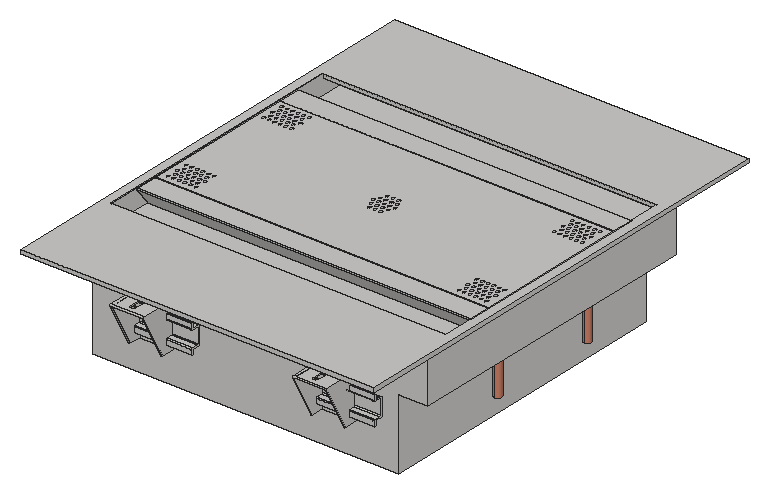
Revit family "York CB-ALE-YK - Linear Active Diffuser,Chilled Beam,Face-Based,Revit 2015 R1.3", category Mechanical Equipment, host Face, Revit 2015
Parameters (values of type "24" Wide Chilled Beam")
  Select a Beam Width = ""
  Right Void Distance = if([12" Wide Beam], 7 1/8", if(and([24" Wide Beam], Pipe Connections Right Hand), 3 5/8", Housing Height))  # 3 5/8"
  Product Documents 24" wide Beam [instance] = "http://www.york.com/for-your-workplace/air-systems/chilled-beams/active-linear-chilled-beam24"
  Material [instance] = "Galvanized Steel"  # constant formula
  Left Void Distance = if([12" Wide Beam], 7 1/8", if(and([24" Wide Beam], Pipe Connections Left Hand), 3 5/8", Housing Height))  # 8 3/8"
  Total Width = if([12" Wide Beam], 22 7/8", 31 3/8")  # 31 3/8"
  Select the Water-Coil Connection location = 1
  Coil Accessory [instance] = ""
  M - Manual Air Vent [instance] = 1 = 1  # yes
  Inlet Air Slot Clearance = if([12" Wide Beam], 1/8", 1 1/2")  # 1 1/2"
  D - Drain Accessories [instance] = no
  X-Special [instance] = "Enter Special Drawing number here"
  Velocity Pressure [instance] = 0.00 in-wg
  Total Static Pressure [instance] = 0.00 in-wg
  Total Heating Capacity [instance] = Heating Air Capacity + Heating Water Capacity  # 0.0 Btu/h
  Throw [instance] = "0"
  Sweep Void Length = if([12" Wide Beam], 3 1/2", 1/8")  # 1/8"
  Supply Inlet Dia = Supply Air Connection Diameter / 2  # 2 1/2"
  Supply Air Pressure Drop [instance] = 0.00 in-wg
  Sensible Cooling Capacity [instance] = Cooling Air Capacity + Cooling Water Capacity  # 0.0 Btu/h
  X3 = if(and([12" Wide Beam], Side Air Inlet, [F - One-Way, Front], [2P1C - 2 Pipe, 1 Coil Circuit], Pipe Connections Right Hand), Nominal Length - 1 3/8", if(and([12" Wide Beam], Side Air Inlet, [F - One-Way, Front], [4P1C - 4 Pipe, 1 Coil Circuit], Pipe Connections Right Hand), 1 3/8", if(and([12" Wide Beam], Side Air Inlet, [B - One-Way, Back], [2P1C - 2 Pipe, 1 Coil Circuit], Pipe Connections Right Hand), Nominal Length - 1 3/8", if(and([12" Wide Beam], Side Air Inlet, [B - One-Way, Back], [4P1C - 4 Pipe, 1 Coil Circuit], Pipe Connections Right Hand), 1 3/8", if(and([12" Wide Beam], Side Air Inlet, [F - One-Way, Front], [2P1C - 2 Pipe, 1 Coil Circuit], Pipe Connections Left Hand), 1 3/8", if(and([12" Wide Beam], Side Air Inlet, [F - One-Way, Front], [4P1C - 4 Pipe, 1 Coil Circuit], Pipe Connections Left Hand), Nominal Length - 1 3/8", if(and([12" Wide Beam], Side Air Inlet, [B - One-Way, Back], [2P1C - 2 Pipe, 1 Coil Circuit], Pipe Connections Left Hand), 1 3/8", if(and([12" Wide Beam], Side Air Inlet, [B - One-Way, Back], [4P1C - 4 Pipe, 1 Coil Circuit], Pipe Connections Left Hand), Nominal Length - 1 3/8", if(and([12" Wide Beam], Side Air Inlet, [2 - Two-way Throw], [2P1C - 2 Pipe, 1 Coil Circuit], Pipe Connections Left Hand), 1 3/8", if(and([12" Wide Beam], Side Air Inlet, [2 - Two-way Throw], [4P1C - 4 Pipe, 1 Coil Circuit], Pipe Connections Left Hand), 1 3/8", if(and([12" Wide Beam], Side Air Inlet, [2 - Two-way Throw], [2P1C - 2 Pipe, 1 Coil Circuit], Pipe Connections Right Hand), Nominal Length - 1 3/8", if(and([12" Wide Beam], Side Air Inlet, [2 - Two-way Throw], [4P1C - 4 Pipe, 1 Coil Circuit], Pipe Connections Right Hand), Nominal Length - 1 3/8", if(and([12" Wide Beam], Top Air Inlet, [F - One-Way, Front], [2P1C - 2 Pipe, 1 Coil Circuit], Pipe Connections Left Hand), 1 3/8", if(and([12" Wide Beam], Top Air Inlet, [F - One-Way, Front], [4P1C - 4 Pipe, 1 Coil Circuit], Pipe Connections Left Hand), Nominal Length - 1 3/8", if(and([12" Wide Beam], Top Air Inlet, [B - One-Way, Back], [2P1C - 2 Pipe, 1 Coil Circuit], Pipe Connections Right Hand), 1 3/8", if(and([12" Wide Beam], Top Air Inlet, [B - One-Way, Back], [4P1C - 4 Pipe, 1 Coil Circuit], Pipe Connections Right Hand), Nominal Length - 1 3/8", if(and([12" Wide Beam], Top Air Inlet, [2 - Two-way Throw], [2P1C - 2 Pipe, 1 Coil Circuit], Pipe Connections Left Hand), 1 3/8", if(and([12" Wide Beam], Top Air Inlet, [2 - Two-way Throw], [4P1C - 4 Pipe, 1 Coil Circuit], Pipe Connections Left Hand), 1 3/8", if(and([24" Wide Beam], Pipe Connections Right Hand), Nominal Length - 1 3/8", if(and([12" Wide Beam], [4P1C - 4 Pipe, 1 Coil Circuit]), Nominal Length - 1 3/8", 1 3/8"))))))))))))))))))))  # 22 5/8"
  X1 = if(and([12" Wide Beam], Side Air Inlet, [F - One-Way, Front], [2P1C - 2 Pipe, 1 Coil Circuit], Pipe Connections Right Hand), Nominal Length - 1 3/8", if(and([12" Wide Beam], Side Air Inlet, [F - One-Way, Front], [4P1C - 4 Pipe, 1 Coil Circuit], Pipe Connections Right Hand), 1 3/8", if(and([12" Wide Beam], Side Air Inlet, [B - One-Way, Back], [2P1C - 2 Pipe, 1 Coil Circuit], Pipe Connections Right Hand), Nominal Length - 1 3/8", if(and([12" Wide Beam], Side Air Inlet, [B - One-Way, Back], [4P1C - 4 Pipe, 1 Coil Circuit], Pipe Connections Right Hand), 1 3/8", if(and([12" Wide Beam], Side Air Inlet, [F - One-Way, Front], [2P1C - 2 Pipe, 1 Coil Circuit], Pipe Connections Left Hand), 1 3/8", if(and([12" Wide Beam], Side Air Inlet, [F - One-Way, Front], [4P1C - 4 Pipe, 1 Coil Circuit], Pipe Connections Left Hand), Nominal Length - 1 3/8", if(and([12" Wide Beam], Side Air Inlet, [B - One-Way, Back], [2P1C - 2 Pipe, 1 Coil Circuit], Pipe Connections Left Hand), 1 3/8", if(and([12" Wide Beam], Side Air Inlet, [B - One-Way, Back], [4P1C - 4 Pipe, 1 Coil Circuit], Pipe Connections Left Hand), Nominal Length - 1 3/8", if(and([12" Wide Beam], Side Air Inlet, [2 - Two-way Throw], [2P1C - 2 Pipe, 1 Coil Circuit], Pipe Connections Left Hand), 1 3/8", if(and([12" Wide Beam], Side Air Inlet, [2 - Two-way Throw], [4P1C - 4 Pipe, 1 Coil Circuit], Pipe Connections Left Hand), Nominal Length - 1 3/8", if(and([12" Wide Beam], Side Air Inlet, [2 - Two-way Throw], [2P1C - 2 Pipe, 1 Coil Circuit], Pipe Connections Right Hand), Nominal Length - 1 3/8", if(and([12" Wide Beam], Side Air Inlet, [2 - Two-way Throw], [4P1C - 4 Pipe, 1 Coil Circuit], Pipe Connections Right Hand), 1 3/8", if(and([12" Wide Beam], Top Air Inlet, [F - One-Way, Front], [2P1C - 2 Pipe, 1 Coil Circuit], Pipe Connections Left Hand), 1 3/8", if(and([12" Wide Beam], Top Air Inlet, [F - One-Way, Front], [4P1C - 4 Pipe, 1 Coil Circuit], Pipe Connections Left Hand), Nominal Length - 1 3/8", if(and([12" Wide Beam], Top Air Inlet, [B - One-Way, Back], [2P1C - 2 Pipe, 1 Coil Circuit], Pipe Connections Right Hand), 1 3/8", if(and([12" Wide Beam], Top Air Inlet, [B - One-Way, Back], [4P1C - 4 Pipe, 1 Coil Circuit], Pipe Connections Right Hand), Nominal Length - 1 3/8", if(and([12" Wide Beam], Top Air Inlet, [2 - Two-way Throw], [2P1C - 2 Pipe, 1 Coil Circuit], Pipe Connections Left Hand), 1 3/8", if(and([12" Wide Beam], Top Air Inlet, [2 - Two-way Throw], [4P1C - 4 Pipe, 1 Coil Circuit], Pipe Connections Left Hand), Nominal Length - 1 3/8", if(and([24" Wide Beam], Pipe Connections Right Hand), Nominal Length - 1 3/8", 1 3/8")))))))))))))))))))  # 22 5/8"
  Select an Air Inlet Location = ""
  Select a Face Air Pattern = ""
  Second Bracket Distance = if([8 Feet], 24", if([9 Feet], 30", if([10 Feet], 36", Nominal Length - Bracket Length - 7 3/4")))  # 12 1/4"
  Relative Humidity [instance] = 0.00%
  X2 = if(and([12" Wide Beam], Side Air Inlet, [F - One-Way, Front], [2P1C - 2 Pipe, 1 Coil Circuit], Pipe Connections Right Hand), Nominal Length - 1 3/8", if(and([12" Wide Beam], Side Air Inlet, [F - One-Way, Front], [4P1C - 4 Pipe, 1 Coil Circuit], Pipe Connections Right Hand), Nominal Length - 1 3/8", if(and([12" Wide Beam], Side Air Inlet, [B - One-Way, Back], [2P1C - 2 Pipe, 1 Coil Circuit], Pipe Connections Right Hand), Nominal Length - 1 3/8", if(and([12" Wide Beam], Side Air Inlet, [B - One-Way, Back], [4P1C - 4 Pipe, 1 Coil Circuit], Pipe Connections Right Hand), Nominal Length - 1 3/8", if(and([12" Wide Beam], Side Air Inlet, [F - One-Way, Front], [2P1C - 2 Pipe, 1 Coil Circuit], Pipe Connections Left Hand), 1 3/8", if(and([12" Wide Beam], Side Air Inlet, [F - One-Way, Front], [4P1C - 4 Pipe, 1 Coil Circuit], Pipe Connections Left Hand), 1 3/8", if(and([12" Wide Beam], Side Air Inlet, [B - One-Way, Back], [2P1C - 2 Pipe, 1 Coil Circuit], Pipe Connections Left Hand), 1 3/8", if(and([12" Wide Beam], Side Air Inlet, [B - One-Way, Back], [4P1C - 4 Pipe, 1 Coil Circuit], Pipe Connections Left Hand), 1 3/8", if(and([12" Wide Beam], Side Air Inlet, [2 - Two-way Throw], [2P1C - 2 Pipe, 1 Coil Circuit], Pipe Connections Left Hand), 1 3/8", if(and([12" Wide Beam], Side Air Inlet, [2 - Two-way Throw], [4P1C - 4 Pipe, 1 Coil Circuit], Pipe Connections Left Hand), 1 3/8", if(and([12" Wide Beam], Side Air Inlet, [2 - Two-way Throw], [2P1C - 2 Pipe, 1 Coil Circuit], Pipe Connections Right Hand), Nominal Length - 1 3/8", if(and([12" Wide Beam], Side Air Inlet, [2 - Two-way Throw], [4P1C - 4 Pipe, 1 Coil Circuit], Pipe Connections Right Hand), Nominal Length - 1 3/8", if(and([12" Wide Beam], Top Air Inlet, [F - One-Way, Front], [2P1C - 2 Pipe, 1 Coil Circuit], Pipe Connections Left Hand), 1 3/8", if(and([12" Wide Beam], Top Air Inlet, [F - One-Way, Front], [4P1C - 4 Pipe, 1 Coil Circuit], Pipe Connections Left Hand), 1 3/8", if(and([12" Wide Beam], Top Air Inlet, [B - One-Way, Back], [2P1C - 2 Pipe, 1 Coil Circuit], Pipe Connections Right Hand), 1 3/8", if(and([12" Wide Beam], Top Air Inlet, [B - One-Way, Back], [4P1C - 4 Pipe, 1 Coil Circuit], Pipe Connections Right Hand), 1 3/8", if(and([12" Wide Beam], Top Air Inlet, [2 - Two-way Throw], [2P1C - 2 Pipe, 1 Coil Circuit], Pipe Connections Left Hand), 1 3/8", if(and([12" Wide Beam], Top Air Inlet, [2 - Two-way Throw], [4P1C - 4 Pipe, 1 Coil Circuit], Pipe Connections Left Hand), 1 3/8", if(and([24" Wide Beam], Pipe Connections Right Hand), Nominal Length - 1 3/8", if(and([12" Wide Beam], [4P1C - 4 Pipe, 1 Coil Circuit]), Nominal Length - 1 3/8", 1 3/8"))))))))))))))))))))  # 22 5/8"
  X4 = if(and([12" Wide Beam], Side Air Inlet, [F - One-Way, Front], [2P1C - 2 Pipe, 1 Coil Circuit], Pipe Connections Right Hand), Nominal Length - 1 3/8", if(and([12" Wide Beam], Side Air Inlet, [F - One-Way, Front], [4P1C - 4 Pipe, 1 Coil Circuit], Pipe Connections Right Hand), Nominal Length - 1 3/8", if(and([12" Wide Beam], Side Air Inlet, [B - One-Way, Back], [2P1C - 2 Pipe, 1 Coil Circuit], Pipe Connections Right Hand), Nominal Length - 1 3/8", if(and([12" Wide Beam], Side Air Inlet, [B - One-Way, Back], [4P1C - 4 Pipe, 1 Coil Circuit], Pipe Connections Right Hand), Nominal Length - 1 3/8", if(and([12" Wide Beam], Side Air Inlet, [F - One-Way, Front], [2P1C - 2 Pipe, 1 Coil Circuit], Pipe Connections Left Hand), 1 3/8", if(and([12" Wide Beam], Side Air Inlet, [F - One-Way, Front], [4P1C - 4 Pipe, 1 Coil Circuit], Pipe Connections Left Hand), 1 3/8", if(and([12" Wide Beam], Side Air Inlet, [B - One-Way, Back], [2P1C - 2 Pipe, 1 Coil Circuit], Pipe Connections Left Hand), 1 3/8", if(and([12" Wide Beam], Side Air Inlet, [B - One-Way, Back], [4P1C - 4 Pipe, 1 Coil Circuit], Pipe Connections Left Hand), 1 3/8", if(and([12" Wide Beam], Side Air Inlet, [2 - Two-way Throw], [2P1C - 2 Pipe, 1 Coil Circuit], Pipe Connections Left Hand), 1 3/8", if(and([12" Wide Beam], Side Air Inlet, [2 - Two-way Throw], [4P1C - 4 Pipe, 1 Coil Circuit], Pipe Connections Left Hand), Nominal Length - 1 3/8", if(and([12" Wide Beam], Side Air Inlet, [2 - Two-way Throw], [2P1C - 2 Pipe, 1 Coil Circuit], Pipe Connections Right Hand), Nominal Length - 1 3/8", if(and([12" Wide Beam], Side Air Inlet, [2 - Two-way Throw], [4P1C - 4 Pipe, 1 Coil Circuit], Pipe Connections Right Hand), 1 3/8", if(and([12" Wide Beam], Top Air Inlet, [F - One-Way, Front], [2P1C - 2 Pipe, 1 Coil Circuit], Pipe Connections Left Hand), 1 3/8", if(and([12" Wide Beam], Top Air Inlet, [F - One-Way, Front], [4P1C - 4 Pipe, 1 Coil Circuit], Pipe Connections Left Hand), 1 3/8", if(and([12" Wide Beam], Top Air Inlet, [B - One-Way, Back], [2P1C - 2 Pipe, 1 Coil Circuit], Pipe Connections Right Hand), 1 3/8", if(and([12" Wide Beam], Top Air Inlet, [B - One-Way, Back], [4P1C - 4 Pipe, 1 Coil Circuit], Pipe Connections Right Hand), 1 3/8", if(and([12" Wide Beam], Top Air Inlet, [2 - Two-way Throw], [2P1C - 2 Pipe, 1 Coil Circuit], Pipe Connections Left Hand), 1 3/8", if(and([12" Wide Beam], Top Air Inlet, [2 - Two-way Throw], [4P1C - 4 Pipe, 1 Coil Circuit], Pipe Connections Left Hand), Nominal Length - 1 3/8", if(and([24" Wide Beam], Pipe Connections Right Hand), Nominal Length - 1 3/8", 1 3/8")))))))))))))))))))  # 22 5/8"
  Y2 = if(and([12" Wide Beam], Side Air Inlet, [F - One-Way, Front], [2P1C - 2 Pipe, 1 Coil Circuit], Pipe Connections Right Hand), 4 3/4", if(and([12" Wide Beam], Side Air Inlet, [F - One-Way, Front], [4P1C - 4 Pipe, 1 Coil Circuit], Pipe Connections Right Hand), 4 3/4", if(and([12" Wide Beam], Side Air Inlet, [B - One-Way, Back], [2P1C - 2 Pipe, 1 Coil Circuit], Pipe Connections Right Hand), 7 1/4", if(and([12" Wide Beam], Side Air Inlet, [B - One-Way, Back], [4P1C - 4 Pipe, 1 Coil Circuit], Pipe Connections Right Hand), 9 3/4", if(and([12" Wide Beam], Side Air Inlet, [F - One-Way, Front], [2P1C - 2 Pipe, 1 Coil Circuit], Pipe Connections Left Hand), 4 3/4", if(and([12" Wide Beam], Side Air Inlet, [F - One-Way, Front], [4P1C - 4 Pipe, 1 Coil Circuit], Pipe Connections Left Hand), 2 1/4", if(and([12" Wide Beam], Side Air Inlet, [B - One-Way, Back], [2P1C - 2 Pipe, 1 Coil Circuit], Pipe Connections Left Hand), 7 1/4", if(and([12" Wide Beam], Side Air Inlet, [B - One-Way, Back], [4P1C - 4 Pipe, 1 Coil Circuit], Pipe Connections Left Hand), 9 3/4", if(and([12" Wide Beam], Side Air Inlet, [2 - Two-way Throw], [2P1C - 2 Pipe, 1 Coil Circuit], Pipe Connections Left Hand), 7 1/4", if(and([12" Wide Beam], Side Air Inlet, [2 - Two-way Throw], [4P1C - 4 Pipe, 1 Coil Circuit], Pipe Connections Left Hand), 7 1/4", if(and([12" Wide Beam], Side Air Inlet, [2 - Two-way Throw], [2P1C - 2 Pipe, 1 Coil Circuit], Pipe Connections Right Hand), 4 3/4", if(and([12" Wide Beam], Side Air Inlet, [2 - Two-way Throw], [4P1C - 4 Pipe, 1 Coil Circuit], Pipe Connections Right Hand), 4 3/4", if(and([12" Wide Beam], Top Air Inlet, [F - One-Way, Front], [2P1C - 2 Pipe, 1 Coil Circuit], Pipe Connections Left Hand), 4 3/4", if(and([12" Wide Beam], Top Air Inlet, [F - One-Way, Front], [4P1C - 4 Pipe, 1 Coil Circuit], Pipe Connections Left Hand), 2 1/4", if(and([12" Wide Beam], Top Air Inlet, [B - One-Way, Back], [2P1C - 2 Pipe, 1 Coil Circuit], Pipe Connections Right Hand), 7 1/4", if(and([12" Wide Beam], Top Air Inlet, [B - One-Way, Back], [4P1C - 4 Pipe, 1 Coil Circuit], Pipe Connections Right Hand), 9 3/4", if(and([12" Wide Beam], Top Air Inlet, [2 - Two-way Throw], [2P1C - 2 Pipe, 1 Coil Circuit], Pipe Connections Left Hand), 7 1/4", if(and([12" Wide Beam], Top Air Inlet, [2 - Two-way Throw], [4P1C - 4 Pipe, 1 Coil Circuit], Pipe Connections Left Hand), 7 1/4", if(and([24" Wide Beam], Side Air Inlet, [F - One-Way, Front], [2-Pipe System], Pipe Connections Right Hand), 15 3/4", if(and([24" Wide Beam], Side Air Inlet, [F - One-Way, Front], [4-Pipe System], Pipe Connections Right Hand), 13 1/4", if(and([24" Wide Beam], Side Air Inlet, [B - One-Way, Back], [2-Pipe System], Pipe Connections Right Hand), 8 1/4", if(and([24" Wide Beam], Side Air Inlet, [B - One-Way, Back], [4-Pipe System], Pipe Connections Right Hand), 13 1/4", if(and([24" Wide Beam], Side Air Inlet, [F - One-Way, Front], [2-Pipe System], Pipe Connections Left Hand), 8 1/4", if(and([24" Wide Beam], Side Air Inlet, [F - One-Way, Front], [4-Pipe System], Pipe Connections Left Hand), 10 3/4", if(and([24" Wide Beam], Side Air Inlet, [B - One-Way, Back], [2-Pipe System], Pipe Connections Left Hand), 8 1/4", if(and([24" Wide Beam], Side Air Inlet, [B - One-Way, Back], [4-Pipe System], Pipe Connections Left Hand), 10 3/4", if(and([24" Wide Beam], Side Air Inlet, [2 - Two-way Throw], [2-Pipe System], Pipe Connections Left Hand), 8 1/4", if(and([24" Wide Beam], Side Air Inlet, [2 - Two-way Throw], [4-Pipe System], Pipe Connections Left Hand), 10 3/4", if(and([24" Wide Beam], Side Air Inlet, [2 - Two-way Throw], [2-Pipe System], Pipe Connections Right Hand), 15 3/4", if(and([24" Wide Beam], Side Air Inlet, [2 - Two-way Throw], [4-Pipe System], Pipe Connections Right Hand), 13 1/4", if(and([24" Wide Beam], Top Air Inlet, [F - One-Way, Front], [2-Pipe System], Pipe Connections Right Hand), 15 3/4", if(and([24" Wide Beam], Top Air Inlet, [F - One-Way, Front], [4-Pipe System], Pipe Connections Right Hand), 13 1/4", if(and([24" Wide Beam], Top Air Inlet, [B - One-Way, Back], [2-Pipe System], Pipe Connections Right Hand), 15 1/4", if(and([24" Wide Beam], Top Air Inlet, [B - One-Way, Back], [4-Pipe System], Pipe Connections Right Hand), 13 1/4", if(and([24" Wide Beam], Top Air Inlet, [2 - Two-way Throw], [2-Pipe System], Pipe Connections Right Hand), 15 3/4", if(and([24" Wide Beam], Top Air Inlet, [2 - Two-way Throw], [4-Pipe System], Pipe Connections Right Hand), 13 1/4", if(and([24" Wide Beam], [4P1C - 4 Pipe, 1 Coil Circuit]), 10 3/4", if([Select a Water-Coil Type] < 2, Y1, if(and([2P1C - 2 Pipe, 1 Coil Circuit], [12" Wide Beam]), Y1, 4 3/4")))))))))))))))))))))))))))))))))))))))  # 15 3/4"
  Y3 = if(and([12" Wide Beam], Side Air Inlet, [F - One-Way, Front], [2P1C - 2 Pipe, 1 Coil Circuit], Pipe Connections Right Hand), 2 1/4", if(and([12" Wide Beam], Side Air Inlet, [F - One-Way, Front], [4P1C - 4 Pipe, 1 Coil Circuit], Pipe Connections Right Hand), 7 1/4", if(and([12" Wide Beam], Side Air Inlet, [B - One-Way, Back], [2P1C - 2 Pipe, 1 Coil Circuit], Pipe Connections Right Hand), 9 3/4", if(and([12" Wide Beam], Side Air Inlet, [B - One-Way, Back], [4P1C - 4 Pipe, 1 Coil Circuit], Pipe Connections Right Hand), 7 1/4", if(and([12" Wide Beam], Side Air Inlet, [F - One-Way, Front], [2P1C - 2 Pipe, 1 Coil Circuit], Pipe Connections Left Hand), 2 1/4", if(and([12" Wide Beam], Side Air Inlet, [F - One-Way, Front], [4P1C - 4 Pipe, 1 Coil Circuit], Pipe Connections Left Hand), 4 3/4", if(and([12" Wide Beam], Side Air Inlet, [B - One-Way, Back], [2P1C - 2 Pipe, 1 Coil Circuit], Pipe Connections Left Hand), 9 3/4", if(and([12" Wide Beam], Side Air Inlet, [B - One-Way, Back], [4P1C - 4 Pipe, 1 Coil Circuit], Pipe Connections Left Hand), 7 1/4", if(and([12" Wide Beam], Side Air Inlet, [2 - Two-way Throw], [2P1C - 2 Pipe, 1 Coil Circuit], Pipe Connections Left Hand), 4 3/4", if(and([12" Wide Beam], Side Air Inlet, [2 - Two-way Throw], [4P1C - 4 Pipe, 1 Coil Circuit], Pipe Connections Left Hand), 2 1/4", if(and([12" Wide Beam], Side Air Inlet, [2 - Two-way Throw], [2P1C - 2 Pipe, 1 Coil Circuit], Pipe Connections Right Hand), 7 1/4", if(and([12" Wide Beam], Side Air Inlet, [2 - Two-way Throw], [4P1C - 4 Pipe, 1 Coil Circuit], Pipe Connections Right Hand), 9 3/4", if(and([12" Wide Beam], Top Air Inlet, [F - One-Way, Front], [2P1C - 2 Pipe, 1 Coil Circuit], Pipe Connections Left Hand), 2 1/4", if(and([12" Wide Beam], Top Air Inlet, [F - One-Way, Front], [4P1C - 4 Pipe, 1 Coil Circuit], Pipe Connections Left Hand), 4 3/4", if(and([12" Wide Beam], Top Air Inlet, [B - One-Way, Back], [2P1C - 2 Pipe, 1 Coil Circuit], Pipe Connections Right Hand), 9 3/4", if(and([12" Wide Beam], Top Air Inlet, [B - One-Way, Back], [4P1C - 4 Pipe, 1 Coil Circuit], Pipe Connections Right Hand), 7 1/4", if(and([12" Wide Beam], Top Air Inlet, [2 - Two-way Throw], [2P1C - 2 Pipe, 1 Coil Circuit], Pipe Connections Left Hand), 4 3/4", if(and([12" Wide Beam], Top Air Inlet, [2 - Two-way Throw], [4P1C - 4 Pipe, 1 Coil Circuit], Pipe Connections Left Hand), 2 1/4", if(and([24" Wide Beam], Side Air Inlet, [F - One-Way, Front], [2-Pipe System], Pipe Connections Right Hand), 8 1/4", if(and([24" Wide Beam], Side Air Inlet, [F - One-Way, Front], [4-Pipe System], Pipe Connections Right Hand), 10 3/4", if(and([24" Wide Beam], Side Air Inlet, [B - One-Way, Back], [2-Pipe System], Pipe Connections Right Hand), 15 3/4", if(and([24" Wide Beam], Side Air Inlet, [B - One-Way, Back], [4-Pipe System], Pipe Connections Right Hand), 10 3/4", if(and([24" Wide Beam], Side Air Inlet, [F - One-Way, Front], [2-Pipe System], Pipe Connections Left Hand), 15 3/4", if(and([24" Wide Beam], Side Air Inlet, [F - One-Way, Front], [4-Pipe System], Pipe Connections Left Hand), 13 1/4", if(and([24" Wide Beam], Side Air Inlet, [B - One-Way, Back], [2-Pipe System], Pipe Connections Left Hand), 15 3/4", if(and([24" Wide Beam], Side Air Inlet, [B - One-Way, Back], [4-Pipe System], Pipe Connections Left Hand), 13 1/4", if(and([24" Wide Beam], Side Air Inlet, [2 - Two-way Throw], [2-Pipe System], Pipe Connections Left Hand), 15 3/4", if(and([24" Wide Beam], Side Air Inlet, [2 - Two-way Throw], [4-Pipe System], Pipe Connections Left Hand), 13 1/4", if(and([24" Wide Beam], Side Air Inlet, [2 - Two-way Throw], [2-Pipe System], Pipe Connections Right Hand), 8 1/4", if(and([24" Wide Beam], Side Air Inlet, [2 - Two-way Throw], [4-Pipe System], Pipe Connections Right Hand), 10 3/4", if(and([24" Wide Beam], Top Air Inlet, [F - One-Way, Front], [2-Pipe System], Pipe Connections Right Hand), 8 1/4", if(and([24" Wide Beam], Top Air Inlet, [F - One-Way, Front], [4-Pipe System], Pipe Connections Right Hand), 10 3/4", if(and([24" Wide Beam], Top Air Inlet, [B - One-Way, Back], [2-Pipe System], Pipe Connections Right Hand), 8 1/4", if(and([24" Wide Beam], Top Air Inlet, [B - One-Way, Back], [4-Pipe System], Pipe Connections Right Hand), 10 3/4", if(and([24" Wide Beam], Top Air Inlet, [2 - Two-way Throw], [2-Pipe System], Pipe Connections Right Hand), 8 1/4", if(and([24" Wide Beam], Top Air Inlet, [2 - Two-way Throw], [4-Pipe System], Pipe Connections Right Hand), 10 3/4", if(and([24" Wide Beam], [Select a Water-Coil Type] > 1), 13 1/4", if([Select a Water-Coil Type] < 2, Y4, 7 1/4"))))))))))))))))))))))))))))))))))))))  # 8 1/4"
  Noise Criteria (dB) [instance] = 0
  Neck Velocity [instance] = 0 FPM
  Neck Size = Supply Air Connection Diameter  # 5"
  Min Flow = 0 CFM
  Max Flow = 0 CFM
  Heating Water Leaving Temperature [instance] = 0 °F
  Heating Water Entering Temperature [instance] = 0 °F
  Heating Water Connection Diameter = 1/2"
  Heating Leaving Dry Bulb Temperature [instance] = 0 °F
  Heating Entering Dry Bulb Temperature [instance] = 0 °F
  Heating Coil Water Pressure Drop [instance] = 0.00 psi
  E = if(Nominal Width = 12", 7 1/4", if(and(Nominal Width = 24", Side Air Inlet, or([8" Dia.], [10" Oval])), 8 1/4", 6 1/4"))  # 6 1/4"
  Design Supply Air Flow [instance] = 0 CFM
  Copper Pipe = Copper Pipe
  Y1 = if(and([12" Wide Beam], Side Air Inlet, [F - One-Way, Front], [2P1C - 2 Pipe, 1 Coil Circuit], Pipe Connections Right Hand), 4 3/4", if(and([12" Wide Beam], Side Air Inlet, [F - One-Way, Front], [4P1C - 4 Pipe, 1 Coil Circuit], Pipe Connections Right Hand), 2 1/4", if(and([12" Wide Beam], Side Air Inlet, [B - One-Way, Back], [2P1C - 2 Pipe, 1 Coil Circuit], Pipe Connections Right Hand), 7 1/4", if(and([12" Wide Beam], Side Air Inlet, [B - One-Way, Back], [4P1C - 4 Pipe, 1 Coil Circuit], Pipe Connections Right Hand), 9 3/4", if(and([12" Wide Beam], Side Air Inlet, [F - One-Way, Front], [2P1C - 2 Pipe, 1 Coil Circuit], Pipe Connections Left Hand), 4 3/4", if(and([12" Wide Beam], Side Air Inlet, [F - One-Way, Front], [4P1C - 4 Pipe, 1 Coil Circuit], Pipe Connections Left Hand), 2 1/4", if(and([12" Wide Beam], Side Air Inlet, [B - One-Way, Back], [2P1C - 2 Pipe, 1 Coil Circuit], Pipe Connections Left Hand), 7 1/4", if(and([12" Wide Beam], Side Air Inlet, [B - One-Way, Back], [4P1C - 4 Pipe, 1 Coil Circuit], Pipe Connections Left Hand), 9 3/4", if(and([12" Wide Beam], Side Air Inlet, [2 - Two-way Throw], [2P1C - 2 Pipe, 1 Coil Circuit], Pipe Connections Left Hand), 7 1/4", if(and([12" Wide Beam], Side Air Inlet, [2 - Two-way Throw], [4P1C - 4 Pipe, 1 Coil Circuit], Pipe Connections Left Hand), 9 3/4", if(and([12" Wide Beam], Side Air Inlet, [2 - Two-way Throw], [2P1C - 2 Pipe, 1 Coil Circuit], Pipe Connections Right Hand), 4 3/4", if(and([12" Wide Beam], Side Air Inlet, [2 - Two-way Throw], [4P1C - 4 Pipe, 1 Coil Circuit], Pipe Connections Right Hand), 2 1/4", if(and([12" Wide Beam], Top Air Inlet, [F - One-Way, Front], [2P1C - 2 Pipe, 1 Coil Circuit], Pipe Connections Left Hand), 4 3/4", if(and([12" Wide Beam], Top Air Inlet, [F - One-Way, Front], [4P1C - 4 Pipe, 1 Coil Circuit], Pipe Connections Left Hand), 2 1/4", if(and([12" Wide Beam], Top Air Inlet, [B - One-Way, Back], [2P1C - 2 Pipe, 1 Coil Circuit], Pipe Connections Right Hand), 7 1/4", if(and([12" Wide Beam], Top Air Inlet, [B - One-Way, Back], [4P1C - 4 Pipe, 1 Coil Circuit], Pipe Connections Right Hand), 9 3/4", if(and([12" Wide Beam], Top Air Inlet, [2 - Two-way Throw], [2P1C - 2 Pipe, 1 Coil Circuit], Pipe Connections Left Hand), 7 1/4", if(and([12" Wide Beam], Top Air Inlet, [2 - Two-way Throw], [4P1C - 4 Pipe, 1 Coil Circuit], Pipe Connections Left Hand), 9 3/4", if(and([24" Wide Beam], Side Air Inlet, [F - One-Way, Front], [2-Pipe System], Pipe Connections Right Hand), 15 3/4", if(and([24" Wide Beam], Side Air Inlet, [F - One-Way, Front], [4-Pipe System], Pipe Connections Right Hand), 15 3/4", if(and([24" Wide Beam], Side Air Inlet, [B - One-Way, Back], [2-Pipe System], Pipe Connections Right Hand), 8 1/4", if(and([24" Wide Beam], Side Air Inlet, [B - One-Way, Back], [4-Pipe System], Pipe Connections Right Hand), 15 3/4", if(and([24" Wide Beam], Side Air Inlet, [F - One-Way, Front], [2-Pipe System], Pipe Connections Left Hand), 8 1/4", if(and([24" Wide Beam], Side Air Inlet, [F - One-Way, Front], [4-Pipe System], Pipe Connections Left Hand), 8 1/4", if(and([24" Wide Beam], Side Air Inlet, [B - One-Way, Back], [2-Pipe System], Pipe Connections Left Hand), 8 1/4", if(and([24" Wide Beam], Side Air Inlet, [B - One-Way, Back], [4-Pipe System], Pipe Connections Left Hand), 8 1/4", if(and([24" Wide Beam], Side Air Inlet, [2 - Two-way Throw], [2-Pipe System], Pipe Connections Left Hand), 8 1/4", if(and([24" Wide Beam], Side Air Inlet, [2 - Two-way Throw], [4-Pipe System], Pipe Connections Left Hand), 8 1/4", if(and([24" Wide Beam], Side Air Inlet, [2 - Two-way Throw], [2-Pipe System], Pipe Connections Right Hand), 15 3/4", if(and([24" Wide Beam], Side Air Inlet, [2 - Two-way Throw], [4-Pipe System], Pipe Connections Right Hand), 15 3/4", if(and([24" Wide Beam], Top Air Inlet, [F - One-Way, Front], [2-Pipe System], Pipe Connections Right Hand), 15 3/4", if(and([24" Wide Beam], Top Air Inlet, [F - One-Way, Front], [4-Pipe System], Pipe Connections Right Hand), 15 3/4", if(and([24" Wide Beam], Top Air Inlet, [B - One-Way, Back], [2-Pipe System], Pipe Connections Right Hand), 15 1/4", if(and([24" Wide Beam], Top Air Inlet, [B - One-Way, Back], [4-Pipe System], Pipe Connections Right Hand), 15 1/4", if(and([24" Wide Beam], Top Air Inlet, [2 - Two-way Throw], [2-Pipe System], Pipe Connections Right Hand), 15 3/4", if(and([24" Wide Beam], Top Air Inlet, [2 - Two-way Throw], [4-Pipe System], Pipe Connections Right Hand), 15 3/4", if([24" Wide Beam], 8 1/4", 2 1/4")))))))))))))))))))))))))))))))))))))  # 15 3/4"
  Y4 = if(and([12" Wide Beam], Side Air Inlet, [F - One-Way, Front], [2P1C - 2 Pipe, 1 Coil Circuit], Pipe Connections Right Hand), 2 1/4", if(and([12" Wide Beam], Side Air Inlet, [F - One-Way, Front], [4P1C - 4 Pipe, 1 Coil Circuit], Pipe Connections Right Hand), 7 1/4", if(and([12" Wide Beam], Side Air Inlet, [B - One-Way, Back], [2P1C - 2 Pipe, 1 Coil Circuit], Pipe Connections Right Hand), 9 3/4", if(and([12" Wide Beam], Side Air Inlet, [B - One-Way, Back], [4P1C - 4 Pipe, 1 Coil Circuit], Pipe Connections Right Hand), 7 1/4", if(and([12" Wide Beam], Side Air Inlet, [F - One-Way, Front], [2P1C - 2 Pipe, 1 Coil Circuit], Pipe Connections Left Hand), 2 1/4", if(and([12" Wide Beam], Side Air Inlet, [F - One-Way, Front], [4P1C - 4 Pipe, 1 Coil Circuit], Pipe Connections Left Hand), 4 3/4", if(and([12" Wide Beam], Side Air Inlet, [B - One-Way, Back], [2P1C - 2 Pipe, 1 Coil Circuit], Pipe Connections Left Hand), 9 3/4", if(and([12" Wide Beam], Side Air Inlet, [B - One-Way, Back], [4P1C - 4 Pipe, 1 Coil Circuit], Pipe Connections Left Hand), 7 1/4", if(and([12" Wide Beam], Side Air Inlet, [2 - Two-way Throw], [2P1C - 2 Pipe, 1 Coil Circuit], Pipe Connections Left Hand), 4 3/4", if(and([12" Wide Beam], Side Air Inlet, [2 - Two-way Throw], [4P1C - 4 Pipe, 1 Coil Circuit], Pipe Connections Left Hand), 2 1/4", if(and([12" Wide Beam], Side Air Inlet, [2 - Two-way Throw], [2P1C - 2 Pipe, 1 Coil Circuit], Pipe Connections Right Hand), 7 1/4", if(and([12" Wide Beam], Side Air Inlet, [2 - Two-way Throw], [4P1C - 4 Pipe, 1 Coil Circuit], Pipe Connections Right Hand), 9 3/4", if(and([12" Wide Beam], Top Air Inlet, [F - One-Way, Front], [2P1C - 2 Pipe, 1 Coil Circuit], Pipe Connections Left Hand), 2 1/4", if(and([12" Wide Beam], Top Air Inlet, [F - One-Way, Front], [4P1C - 4 Pipe, 1 Coil Circuit], Pipe Connections Left Hand), 4 3/4", if(and([12" Wide Beam], Top Air Inlet, [B - One-Way, Back], [2P1C - 2 Pipe, 1 Coil Circuit], Pipe Connections Right Hand), 9 3/4", if(and([12" Wide Beam], Top Air Inlet, [B - One-Way, Back], [4P1C - 4 Pipe, 1 Coil Circuit], Pipe Connections Right Hand), 7 1/4", if(and([12" Wide Beam], Top Air Inlet, [2 - Two-way Throw], [2P1C - 2 Pipe, 1 Coil Circuit], Pipe Connections Left Hand), 4 3/4", if(and([12" Wide Beam], Top Air Inlet, [2 - Two-way Throw], [4P1C - 4 Pipe, 1 Coil Circuit], Pipe Connections Left Hand), 2 1/4", if(and([24" Wide Beam], Side Air Inlet, [F - One-Way, Front], [2-Pipe System], Pipe Connections Right Hand), 8 1/4", if(and([24" Wide Beam], Side Air Inlet, [F - One-Way, Front], [4-Pipe System], Pipe Connections Right Hand), 8 1/4", if(and([24" Wide Beam], Side Air Inlet, [B - One-Way, Back], [2-Pipe System], Pipe Connections Right Hand), 15 3/4", if(and([24" Wide Beam], Side Air Inlet, [B - One-Way, Back], [4-Pipe System], Pipe Connections Right Hand), 8 1/4", if(and([24" Wide Beam], Side Air Inlet, [F - One-Way, Front], [2-Pipe System], Pipe Connections Left Hand), 15 3/4", if(and([24" Wide Beam], Side Air Inlet, [F - One-Way, Front], [4-Pipe System], Pipe Connections Left Hand), 15 3/4", if(and([24" Wide Beam], Side Air Inlet, [B - One-Way, Back], [2-Pipe System], Pipe Connections Left Hand), 15 3/4", if(and([24" Wide Beam], Side Air Inlet, [B - One-Way, Back], [4-Pipe System], Pipe Connections Left Hand), 15 3/4", if(and([24" Wide Beam], Side Air Inlet, [2 - Two-way Throw], [2-Pipe System], Pipe Connections Left Hand), 15 3/4", if(and([24" Wide Beam], Side Air Inlet, [2 - Two-way Throw], [4-Pipe System], Pipe Connections Left Hand), 15 3/4", if(and([24" Wide Beam], Side Air Inlet, [2 - Two-way Throw], [2-Pipe System], Pipe Connections Right Hand), 8 1/4", if(and([24" Wide Beam], Side Air Inlet, [2 - Two-way Throw], [4-Pipe System], Pipe Connections Right Hand), 8 1/4", if(and([24" Wide Beam], Top Air Inlet, [F - One-Way, Front], [2-Pipe System], Pipe Connections Right Hand), 8 1/4", if(and([24" Wide Beam], Top Air Inlet, [F - One-Way, Front], [4-Pipe System], Pipe Connections Right Hand), 8 1/4", if(and([24" Wide Beam], Top Air Inlet, [B - One-Way, Back], [2-Pipe System], Pipe Connections Right Hand), 8 1/4", if(and([24" Wide Beam], Top Air Inlet, [B - One-Way, Back], [4-Pipe System], Pipe Connections Right Hand), 8 1/4", if(and([24" Wide Beam], Top Air Inlet, [2 - Two-way Throw], [2-Pipe System], Pipe Connections Right Hand), 8 1/4", if(and([24" Wide Beam], Top Air Inlet, [2 - Two-way Throw], [4-Pipe System], Pipe Connections Right Hand), 8 1/4", if([24" Wide Beam], 15 3/4", 9 3/4")))))))))))))))))))))))))))))))))))))  # 8 1/4"
  Cooling Leaving Dry Bulb Temperature [instance] = 0 °F
  Cooling Entering Dry Bulb Temperature [instance] = 0 °F
  Cooling Coil Water Pressure Drop [instance] = 0.00 psi
  Clerance [instance] = if([12" Wide Beam], 0", 1/2")  # 1/2"
  Chilled Water Leaving Temperature [instance] = 0 °F
  Chilled Water Entering Temperature [instance] = 0 °F
  Chilled Water Connection Diameter = 1/2"  # constant formula
  Bracket Length = if(or([2 Feet], [3 Feet]), 4", 12")  # 4"
  Bracket Distance 4 [instance] = if(or(Adustable Bracket Distance 4 < 0", Adustable Bracket Distance 4 = 0"), 0", if(and(Nominal Length < 37", Adustable Bracket Distance 4 > 1 3/4"), 1 3/4", if(and(Nominal Length > 37", Adustable Bracket Distance 4 > 9 3/4"), 9 3/4", Adustable Bracket Distance 4)))  # 0"
  Bracket Distance 3 [instance] = if(or(Adustable Bracket Distance 3 < 0", Adustable Bracket Distance 3 = 0"), 0", if(and(Nominal Length < 37", Adustable Bracket Distance 3 > 1 3/4"), 1 3/4", if(and(Nominal Length > 37", Adustable Bracket Distance 3 > 9 3/4"), 9 3/4", Adustable Bracket Distance 3)))  # 0"
  Bracket Distance 2 [instance] = if(or(Adustable Bracket Distance 2 < 0", Adustable Bracket Distance 2 = 0"), 0", if(and(Nominal Length < 37", Adustable Bracket Distance 2 > 1 3/4"), 1 3/4", if(and(Nominal Length > 37", Adustable Bracket Distance 2 > 9 3/4"), 9 3/4", Adustable Bracket Distance 2)))  # 0"
  Bracket Distance 1 [instance] = if(or(Adustable Bracket Distance 1 < 0", Adustable Bracket Distance 1 = 0"), 0", if(and(Nominal Length < 37", Adustable Bracket Distance 1 > 1 3/4"), 1 3/4", if(and(Nominal Length > 37", Adustable Bracket Distance 1 > 9 3/4"), 9 3/4", Adustable Bracket Distance 1)))  # 0"
  Bracket 4 = if(Nominal Length > 95", 1 = 1, 1 = 0)  # no
  Bracket 3 = if(Nominal Length > 95", 1 = 1, 1 = 0)  # no
  Bottom Plate Thickness = if([24" Wide Beam], 1/4", 1")  # 1/4"
  Ambient Temperature [instance] = 0 °F
  Air Flow Pattern [instance] = "0"
  Adustable Bracket Distance 4 [instance] = 0"
  Adustable Bracket Distance 3 [instance] = 0"
  Adustable Bracket Distance 2 [instance] = 0"
  Adustable Bracket Distance 1 [instance] = 0"
  Actual Heating Water Flow [instance] = 0 GPM
  Actual Chilled Water Flow [instance] = 0 GPM
  Wide Housing Notch Offset = if(and(Nominal Width = 24", Pipe Connections Right Hand), ((Nominal Length - Housing Length) / 2) + (Wide Housing Notch Length / 2), if(and(Nominal Width = 24", Pipe Connections Left Hand), Nominal Length - (((Nominal Length - Housing Length) / 2) + (Wide Housing Notch Length / 2)), 1/16"))  # 3 3/4"
  Wide Housing Notch Length = if(Nominal Width = 12", 1/8", 2")  # 2"
  Water Connection Location Selection = 0
  Version = 2
  URL = "http://www.york.com/"
  York Products [instance] = "http://www.york.com/for-your-workplace/air-systems/chilled-beams"
  Select an Air Throw Pattern = 2
  Supply Air Connection Diameter = if([4" Dia.], 4", if([5" Dia.], 5", if([6" Dia.], 6", if([8" Dia.], 8", if([10" Oval], 10", 4")))))  # 5"
  Series = "Chilled Beam"  # constant formula
  Selected Water-Coil Connection [instance] = if(Pipe Connections Left Hand, "L - Left Hand", "R - Right Hand")  # "R - Right Hand"
  Selected Piping Connection Type [instance] = if([SWT - Sweat], "SWT - Sweat", if([MPT - Male Pipe Thread], "MPT - Male Pipe Thread", if([H12 - SS Flex Hose - 12in], "H12 - SS Flex Hose - 12in", if([H18 - SS Flex Hose - 18in], "H18 - SS Flex Hose - 18in", if([H24 - SS FLex Hose - 24in], "H24 - SS FLex Hose - 24in", "Contact a York Rep")))))  # "SWT - Sweat"
  Selected Nozzle Config. [instance] = if(A1, "A1", if(A2, "A2", if(A3, "A3", if(A4, "A4", if(B1, "B1", if(B2, "B2", if(B3, "B3", if(B4, "B4", "Invalid Configuration"))))))))  # "B1"
  Selected Finish [instance] = if([26 White], "26 White", "84- Black Paint")  # "26 White"
  Selected Grille's Face Pattern [instance] = if([CP - Circular Perforation], "CP - Circular Perforation", "BL - Linear Bar Grille")  # "CP - Circular Perforation"
  Selected Water-Coil Type [instance] = if([2P1C - 2 Pipe, 1 Coil Circuit], "2P1C - 2 Pipe, 1 Coil Circuit", if([2P2C - 2 Pipe, 2 Coil Circuits], "2P2C - 2 Pipe, 2 Coil Circuits", if([4P1C - 4 Pipe, 1 Coil Circuit], "4P1C - 4 Pipe, 1 Coil Circuit", if([4P2C - 4 Pipe, 2 Coil Circuits], "4P2C - 4 Pipe, 2 Coil Circuits", "Invalid Configuration"))))  # "2P1C - 2 Pipe, 1 Coil Circuit"
  Selected Chill Beam Width [instance] = if([24" Wide Beam], "24 inch wide", "12 inch wide")  # "24 inch wide"
  Selected Beam Length [instance] = if([2 Feet], "2 Feet", if([3 Feet], "3 Feet", if([4 Feet], "4 Feet", if([5 Feet], "5 Feet", if([6 Feet], "6 Feet", if([7 Feet], "7 Feet", if([8 Feet], "8 Feet", if([9 Feet], "9 Feet", if([10 Feet], "10 Feet", "Invalid Configuration")))))))))  # "2 Feet"
  Selected Air Throw Pattern [instance] = if([2 - Two-way Throw], "2 - Two-way Throw", if([F - One-Way, Front], "F - One-Way, Front", if([B - One-Way, Back], "B - One-Way, Back", "Invalid Configuration")))  # "F - One-Way, Front"
  Selected Air Inlet location [instance] = if(Top Air Inlet, "TM - Top Middle", "SM - Side Middle")  # "SM - Side Middle"
  Selected Air Inlet Size [instance] = if([4" Dia.], "4 inch Dia.", if([5" Dia.], "5 inch Dia.", if([6" Dia.], "6 inch Dia.", if([8" Dia.], "8 inch Dia.", if([10" Oval], "10 inch Oval", "Invalid Configuration")))))  # "5 inch Dia."
  SWT - Sweat = Select a Piping Connection Type < 2  # yes
  Room Tag [instance] = "Enter Tag Here"
  Product Manufacturer [instance] = "York"  # constant formula
  Product Documents 12" wide Beam [instance] = "http://www.york.com/for-your-workplace/air-systems/chilled-beams/active-linear-chilled-beam12"
  Select a Piping Connection Type = 1
  Pipe Connections Right Hand = [Select the Water-Coil Connection location] < 2  # yes
  Pipe Connections Left Hand = [Select the Water-Coil Connection location] > 1  # no
  Pipe Connection Radius = Chilled Water Connection Diameter / 2  # 1/4"
  Pipe Connection Middle Front Offset = if(Nominal Width = 24", 9 5/16", 3 5/8")  # 9 5/16"
  Pipe Connection Middle Back Offset = if(Nominal Width = 24", 14 1/16", 8 5/8")  # 14 1/16"
  Pipe Connection Length = 2 1/2"  # constant formula
  Pipe Connection Front Offset = if(Nominal Width = 24", 7 5/16", 2 5/8")  # 7 5/16"
  Pipe Connection Back Offset = if(Nominal Width = 24", 16 1/16", 9 5/8")  # 16 1/16"
  Controller Software [instance] = "http://www.york.com/Search?searchString=software#"
  Performance Data Sheets [instance] = "http://www.johnsoncontrols.com/~/media/jci/be/united-states/airside-systems/chilled-beams/files/publ7919-york-linear-active-chilled-beam-engineering-guide.pdf?la=en"
  Overall Width = if(Top Air Inlet, Nominal Width - 1/4", if(Housing Width > 9 1/2", Housing Width + 3", Housing Width + Inlet Length))  # 23 3/4"
  Overall Length = Nominal Length - 1/4"  # 23 3/4"
  Overall Height = if(Top Air Inlet, Housing Height + 3", Housing Height)  # 8 3/8"
  Oval Inlet Length = 12 1/2"  # constant formula
  Oval Inlet Height = 5 1/4"  # constant formula
  Oval Air Inlet = if([10" Oval], 1 = 1, 1 = 0)  # no
  Opening Width = Nominal Width - 1" / 4  # 23 3/4"
  Opening Length = Nominal Length - 1" / 4  # 23 3/4"
  Select an Air Nozzle Configuration = 1
  Nominal Width = if([24" Wide Beam], 24", 12")  # 24"
  Nominal Length = if([2 Feet], 24", if([3 Feet], 36", if([4 Feet], 48", if([5 Feet], 60", if([6 Feet], 72", if([7 Feet], 84", if([8 Feet], 96", if([9 Feet], 108", if([10 Feet], 120", 1200")))))))))  # 24"
  Narrow Housing Notch Depth = if(Nominal Width = 24", 1/4", 2 1/2")  # 1/4"
  Model Description [instance] = "Linear Exposed Mounted Active Chilled Beam Supply Diffuser"  # constant formula
  Model = "CB-ALE-YK"  # constant formula
  Select a Finish = 1
  Body Material = Galvanized Steel
  Manufacturer = "York"  # constant formula
  MPT - Male Pipe Thread = Select a Piping Connection Type = 2  # no
  BL - Linear Bar Grillle = no
  A = Nominal Length - 1/4"  # 23 3/4"
  4P2C - 4 Pipe, 2 Coil Circuits = and([Select a Water-Coil Type] > 3, [24" Wide Beam])  # no
  4P1C - 4 Pipe, 1 Coil Circuit = [Select a Water-Coil Type] = 2  # no
  2P2C - 2 Pipe, 2 Coil Circuits = and([Select a Water-Coil Type] = 3, [24" Wide Beam])  # no
  2P1C - 2 Pipe, 1 Coil Circuit = [Select a Water-Coil Type] < 2  # yes
  24" = not([12"])  # yes
  12" = Nominal Width < 24"  # no
  Inner Oval Inlet Height = Oval Inlet Height - 1/4"  # 5"
  Inlet Offset from Top = if(Top Air Inlet, 3", if(Nominal Width = 12", 3 3/8", if(and(Nominal Width = 24", Supply Air Connection Diameter = 8"), 4 5/8", 3 5/8")))  # 3 5/8"
  Inlet Length = if(Top Air Inlet, 3", if(and([12" Wide Beam], Select an Air Inlet Dia. < 4), 4 7/8", 3"))  # 3"
  Inlet Depth = if(Nominal Width = 24", 3", Inlet Length)  # 3"
  Inlet Angle = if(Top Air Inlet, 90.00°, 180.00°)  # 180.00°
  Housing Width = if([24" Wide Beam], 20 3/4", 9 1/2")  # 20 3/4"
  Housing Notch Offset = if(Pipe Connections Right Hand, ((Nominal Length - Housing Length) / 2) + 1", Nominal Length - (((Nominal Length - Housing Length) / 2) + 1"))  # 3 3/4"
  Housing Notch Height = if(Nominal Width = 24", 3 5/8", 7 1/8")  # 3 5/8"
  Housing Length = if(Nominal Width = 12", Nominal Length - 5 1/4", Nominal Length - 5 1/2")  # 18 1/2"
  Housing Height = if(Nominal Width = 12", 9 5/8", if(and(Nominal Width = 24", Side Air Inlet, or([8" Dia.], [10" Oval])), 10 3/8", 8 3/8"))  # 8 3/8"
  Heating Water Supply Offset = if(Nominal Width = 24", Wide Housing Notch Offset, if(and(Nominal Width = 12", Pipe Connections Right Hand), (Nominal Length / 2) - ((Housing Length / 2) - 3/4"), (Nominal Length / 2) + (Housing Length / 2) - 3/4"))  # 3 3/4"
  Heating Water Supply Front Offset = if(and(Nominal Width = 24", Pipe Connections Right Hand, [4P1C - 4 Pipe, 1 Coil Circuit]), Pipe Connection Middle Front Offset, if(and(Nominal Width = 24", Pipe Connections Left Hand, [4P1C - 4 Pipe, 1 Coil Circuit]), Pipe Connection Middle Back Offset, if(and(Nominal Width = 24", Pipe Connections Right Hand, [2P1C - 2 Pipe, 1 Coil Circuit]), Pipe Connection Front Offset, if(and(Nominal Width = 24", Pipe Connections Left Hand, [2P1C - 2 Pipe, 1 Coil Circuit]), Pipe Connection Front Offset, if(and(Nominal Width = 12", Water Connection Location Selection < 1, Pipe Connections Right Hand), Pipe Connection Middle Front Offset, if(and(Nominal Width = 12", Water Connection Location Selection < 1, Pipe Connections Left Hand), Pipe Connection Middle Back Offset, if(and(Nominal Width = 12", Water Connection Location Selection = 1), Pipe Connection Front Offset, Pipe Connection Back Offset)))))))  # 7 5/16"
  Heating Water Return Offset = if(Nominal Width = 24", Wide Housing Notch Offset, if(and(Nominal Width = 12", Water Connection Location Selection < 1), Heating Water Supply Offset, if(and(Nominal Width = 12", Pipe Connections Right Hand, [2-Pipe System]), Heating Water Supply Offset, if(and(Nominal Width = 12", Pipe Connections Left Hand, [2-Pipe System]), Heating Water Supply Offset, if(and(Nominal Width = 12", Water Connection Location Selection > 0, Pipe Connections Right Hand), (Nominal Length / 2) + (Housing Length / 2) - 3/4", (Nominal Length / 2) - (Housing Length / 2 - 3/4"))))))  # 3 3/4"
  Heating Water Return Front Offset = if(and(Nominal Width = 24", Pipe Connections Right Hand, [4P1C - 4 Pipe, 1 Coil Circuit]), Pipe Connection Middle Back Offset, if(and(Nominal Width = 24", Pipe Connections Left Hand, [4P1C - 4 Pipe, 1 Coil Circuit]), Pipe Connection Middle Front Offset, if(and(Nominal Width = 24", Pipe Connections Right Hand, [2P1C - 2 Pipe, 1 Coil Circuit]), Pipe Connection Back Offset, if(and(Nominal Width = 24", Pipe Connections Left Hand, [2P1C - 2 Pipe, 1 Coil Circuit]), Pipe Connection Back Offset, if(and(Nominal Width = 12", Water Connection Location Selection < 1, Pipe Connections Right Hand), Pipe Connection Middle Back Offset, if(and(Nominal Width = 12", Water Connection Location Selection < 1, Pipe Connections Left Hand), Pipe Connection Middle Front Offset, if(and(Nominal Width = 12", Water Connection Location Selection = 1), Pipe Connection Front Offset, Pipe Connection Back Offset)))))))  # 16 1/16"
  Heating Water Capacity [instance] = 0.0 Btu/h
  Heating Air Capacity [instance] = 0.0 Btu/h
  H24 - SS FLex Hose - 24in = Select a Piping Connection Type > 4  # no
  H18 - SS Flex Hose - 18in = Select a Piping Connection Type = 4  # no
  H12 - SS Flex Hose - 12in = Select a Piping Connection Type = 3  # no
  Front Offset = if(and(Nominal Width = 24", Side Air Inlet), (Housing Width / 2) + 3", if(and(Nominal Width = 12", Side Air Inlet), (Housing Width / 2) + Inlet Length, Nominal Width / 2))  # 13 3/8"
  F - One-Way, Front = Select an Air Throw Pattern = 2  # yes
  Description = "Linear Exposed Mounted Active Chilled Beam Supply Diffuser"  # constant formula
  Default Elevation = 0"
  Copyright © [instance] = "©2018, York"  # constant formula
  Cooling Water Supply Offset = if(Nominal Width = 24", Wide Housing Notch Offset, if(and(Nominal Width = 12", Water Connection Location Selection < 1, Pipe Connections Right Hand), (Nominal Length / 2) + (Housing Length / 2) - 3/4", if(and(Nominal Width = 12", Water Connection Location Selection < 1, Pipe Connections Left Hand), (Nominal Length / 2) - ((Housing Length / 2) - 3/4"), Heating Water Supply Offset)))  # 3 3/4"
  Cooling Water Supply Front Offset = if(and(Nominal Width = 24", Pipe Connections Right Hand), Pipe Connection Front Offset, if(and(Nominal Width = 24", Pipe Connections Left Hand), Pipe Connection Back Offset, if(and(Nominal Width = 12", Water Connection Location Selection < 1, Pipe Connections Right Hand), Pipe Connection Front Offset, if(and(Nominal Width = 12", Water Connection Location Selection < 1, Pipe Connections Left Hand), Pipe Connection Back Offset, if(and(Nominal Width = 12", Water Connection Location Selection = 1), Pipe Connection Middle Front Offset, Pipe Connection Middle Back Offset)))))  # 7 5/16"
  Cooling Water Return Offset = if(and(Nominal Width = 12", Water Connection Location Selection < 1), Cooling Water Supply Offset, Heating Water Return Offset)  # 3 3/4"
  Cooling Water Return Front Offset = if(and(Nominal Width = 24", Pipe Connections Right Hand), Pipe Connection Back Offset, if(and(Nominal Width = 12", Pipe Connections Right Hand, [2-Pipe System]), Pipe Connection Back Offset, if(and(Nominal Width = 12", Pipe Connections Left Hand, [2-Pipe System]), Pipe Connection Back Offset, if(and(Nominal Width = 24", Pipe Connections Left Hand), Pipe Connection Front Offset, if(and(Nominal Width = 12", Water Connection Location Selection < 1, Pipe Connections Right Hand), Pipe Connection Back Offset, if(and(Nominal Width = 12", Water Connection Location Selection < 1, Pipe Connections Left Hand), Pipe Connection Front Offset, if(and(Nominal Width = 12", Water Connection Location Selection = 1), Pipe Connection Back Offset, Pipe Connection Front Offset)))))))  # 16 1/16"
  Cooling Water Capacity [instance] = 0.0 Btu/h
  Cooling Air Capacity [instance] = 0.0 Btu/h
  Contact a York Rep [instance] = "http://www.york.com/for-your-home/find-a-dealer?q="
  Connection Reference Length = if(Top Air Inlet, (Nominal Width / 2), (Nominal Width / 2) - (Housing Width / 2))  # 1 5/8"
  Select a Water-Coil Type = 1
  Circular Plate Width = (Bar Border Offset from Center) * 2  # 10 1/2"
  Circular Plate Lenght = Nominal Length - (1/4") - (2 * Border Length A)  # 22 25/64"
  CP - Circular Perforation = not([BL - Linear Bar Grillle])  # yes
  Circular Air Inlet = if([10" Oval], 1 = 0, 1 = 1)  # yes
  Border Length C = if([24" Wide Beam], 2 17/32", 1 69/256")  # 2 17/32"
  Border Length B = if([24" Wide Beam], 1 189/256", 1 69/256")  # 1 189/256"
  Border Length A = if([24" Wide Beam], 87/128", 77/128")  # 87/128"
  Border Height B = if([24" Wide Beam], 1 23/256", 1 1/4")  # 1 23/256"
  Border Height A = if([24" Wide Beam], 79/256", 43/64")  # 79/256"
  Select a Beam Length = 1
  Bar Top Offset = 1 1/4"  # constant formula
  Bar Length = Overall Length - (Border Length A * 2)  # 22 25/64"
  Bar Depth = Border Height B  # 1 23/256"
  Bar Border Width = if([24" Wide Beam], 1 1/2", 1 19/128")  # 1 1/2"
  Bar Border Offset from Center = if([24" Wide Beam], 5 1/4", 2 3/4")  # 5 1/4"
  Bar Array Spacing = if([24" Wide Beam], 1/2", 5/8")  # 1/2"
  Bar Array Quantity = if([24" Wide Beam], 20, 8)  # 20
  Bar Array Offset from Center = if([24" Wide Beam], 4 3/4", 2 3/16")  # 4 3/4"
  Back Offset = Nominal Width / 2  # 12"
  B4 = and(Select an Air Nozzle Configuration > 3, [24" Wide Beam])  # no
  B3 = and(Select an Air Nozzle Configuration = 3, [24" Wide Beam])  # no
  B2 = and(Select an Air Nozzle Configuration = 2, [24" Wide Beam])  # no
  B1 = and(Select an Air Nozzle Configuration < 2, [24" Wide Beam])  # yes
  B - One-Way, Back = Select an Air Throw Pattern > 2  # no
  Assembly Code = "D3040100"
  Angled Housing Notch Height = if(Nominal Width = 24", Housing Height - Bar Top Offset, 2 1/2")  # 7 1/8"
  Air Inlet Front Adapter Visibility = and(Nominal Width = 12", Side Air Inlet)  # no
  Select an Air Inlet Dia. = 2
  Air Inlet Connection Radius = (Supply Air Connection Diameter / 2) - 1/16"  # 2 7/16"
  Air Inlet Connection Inside Radius = Air Inlet Connection Radius - 1/32"  # 2 13/32"
  Model Selected [instance] = "CB-ALE-YK"  # constant formula
  A4 = and(Select an Air Nozzle Configuration > 3, [12" Wide Beam])  # no
  A3 = and(Select an Air Nozzle Configuration = 3, [12" Wide Beam])  # no
  A2 = and(Select an Air Nozzle Configuration = 2, [12" Wide Beam])  # no
  A1 = and(Select an Air Nozzle Configuration < 2, [12" Wide Beam])  # no
  9 Feet = Select a Beam Length = 9  # no
  84- Black Paint = Select a Finish > 1  # no
  8" Dia. = and(Select an Air Inlet Dia. = 4, not(and(Side Air Inlet, or([2 Feet], [3 Feet]))))  # no
  8 Feet = Select a Beam Length = 8  # no
  7 Feet = Select a Beam Length = 7  # no
  6" Dia. = Select an Air Inlet Dia. = 3  # no
  6 Feet = Select a Beam Length = 6  # no
  5" Dia. = Select an Air Inlet Dia. = 2  # yes
  5 Feet = Select a Beam Length = 5  # no
  4-Pipe System = or([4P1C - 4 Pipe, 1 Coil Circuit], [4P2C - 4 Pipe, 2 Coil Circuits])  # no
  4" Dia. = and(Select an Air Inlet Dia. < 2, [12" Wide Beam])  # no
  4 Feet = Select a Beam Length = 4  # no
  3 Feet = Select a Beam Length = 3  # no
  2-Pipe System = or([2P1C - 2 Pipe, 1 Coil Circuit], [2P2C - 2 Pipe, 2 Coil Circuits])  # yes
  26 White = Select a Finish < 2  # yes
  24" Wide Beam = yes
  2 Feet = Select a Beam Length < 3  # yes
  2 - Two-way Throw = Select an Air Throw Pattern < 2  # no
  12" Wide Beam = not([24" Wide Beam])  # no
  10" Oval = and(Select an Air Inlet Dia. > 4, not(and(Side Air Inlet, or([2 Feet], [3 Feet]))))  # no
  10 Feet = Select a Beam Length > 9  # no
  (2) Back Supply = Water Connection Location Selection > 1  # no
  Top Air Inlet = not(Side Air Inlet)  # no
  (1) Front Supply = Water Connection Location Selection = 1  # no
  Side Air Inlet = yes
  (0) Front and Back Supply = Water Connection Location Selection < 1  # yes
Reference planes (in)
  plane 1 "Center (Front/Back)": y = 0
  plane 2: z = 0
  plane 3 "Center (Left/Right)": x = 0
  plane 4: x = -12
  plane 5: x = 12
  plane 6: y = 12
  plane 7: y = -12
  plane 8: z = -8.375
  plane 9: z = -8.375
  plane 10: z = -4.75
  plane 11: z = -0.25
  plane 12: y = 13.375
  plane 13: y = -12
  plane 14: x = -9.25
  plane 15: x = 9.25
  plane 16: y = -10.375
  plane 17: y = 10.375
  plane 18: z = -1.25
  plane 19: y = -4.75
  plane 20: y = -4.25
  plane 21: x = -11.875
  plane 22: x = 11.875
  plane 23: y = 11.875
  plane 24: y = -11.875
  plane 25: x = 8.25
  plane 26: y = 10.375
  plane 27: y = 13.875
  plane 28: x = -11.19531
  plane 29: x = 11.19531
  plane 30: y = 5.25
  plane 31: y = 6.75
  plane 32: y = -5.25
  plane 33: y = -6.75
  plane 34: z = 0
  plane 35: z = -0.125
  plane 36: y = 6.25
  plane 37: y = 5.75
  plane 38: y = 5.875
  plane 39: y = -5.75
  plane 40: y = -6.25
  plane 41: y = -5.875
  plane 42: x = -11.19531
  plane 43: y = -11.19531
  plane 44: y = 11.19531
  plane 45: x = 11.19531
  plane 46: y = 11.875
  plane 47: x = -11.875
  plane 48: y = -4.0625
  plane 49: y = 4.6875
  plane 50: x = 8.25
  plane 51: x = 8.25
  plane 52: x = 8.25
  plane 53: y = 4.6875
  plane 54: y = -4.0625
  plane 55: y = 11.875
  plane 56: z = -6.75
  plane 57: y = -3.75
  plane 58: y = -3.75
  plane 59: y = 3.75
  plane 60: y = 3.75
  plane 61: z = -3.625
  plane 62: z = -6.125
  plane 63: x = -8.125
  plane 64: x = 8.125
  plane 65: x = 4.125
  plane 66: x = -4.125
  plane 67: y = 10.375
  plane 68: y = -10.375
  plane 69 "E": z = -6.25
  plane 70: y = 15.6875
  plane 71: y = -15.6875
  plane 72: x = -11.875
  plane 73: x = 11.875
  plane 74: z = -8.25
Forms (in)
  Sweep 1, void
    path origin (0, 0, 0) x (1, 0, 0) y (0, 1, 0)
      loop
        line (-12, 0) -> (12, 0)
    profile origin (0, 0, 0) x (0, 1, 0) y (0, 0, 1)
      loop
        line (12, -0.25) -> (-12, -0.25) -> (-12, -8.375) -> (12, -8.375) -> (12, -0.25)
  Sweep 2, solid, material "Galvanized Steel" <- "Body Material", visible <- "Circular Air Inlet", detail levels medium+fine
    path in 3D
      loop
        line (0, 10.375, -4.75) -> (0, 13.375, -4.75)
    profile origin (0, 11.875, -4.75) x (0, 0, 1) y (1, 0, 0)
      loop
        circle (0, 0) r 2.4375
      loop
        circle (0, 0) r 2.40625
  Sweep 3, solid, material "Galvanized Steel" <- "Body Material", detail levels medium+fine
    path origin (0, 0, -18) x (1, 0, 0) y (0, 0, 1)
      loop
        line (0, 9.625) -> (0, 17.75)
    profile origin (0, 0, -4.3125) x (-1, 0, 0) y (0, -1, 0)
      loop
        line (9.25, -10.375) -> (9.25, 10.375) -> (-9.25, 10.375) -> (-9.25, -10.375) -> (9.25, -10.375)
  Sweep 4, solid, material "Galvanized Steel" <- "Body Material", visible <- "Air Inlet Front Adapter Visibility", detail levels medium+fine
    path origin (0, 0, 0) x (1, 0, 0) y (0, 1, 0)
      loop
        line (0, 13.875) -> (0, 10.375)
    profile origin (0, 12.125, 0) x (1, 0, 0) y (0, 0, 1)
      loop
        line (-2.5, -1.375) -> (-2.5, -8.375) -> (2.5, -8.375) -> (2.5, -1.375) -> (-2.5, -1.375)
  Sweep 5, solid, material "Galvanized Steel" <- "Body Material", detail levels medium+fine
    path origin (0, 0, 0) x (1, 0, 0) y (0, 1, 0)
      loop
        line (-11.19531, 0) -> (11.19531, 0)
    profile origin (0, 0, 0) x (0, 1, 0) y (0, 0, 1)
      loop
        line (6.75, 0) -> (5.25, 0) -> (5.25, -0.125) -> (5.75, -0.125) -> (5.75, -1.25) -> (5.875, -1.25) -> (6.75, -0.125) -> (6.75, 0)
      loop
        line (-5.75, -0.125) -> (-5.25, -0.125) -> (-5.25, 0) -> (-6.75, 0) -> (-6.75, -0.125) -> (-5.875, -1.25) -> (-5.75, -1.25) -> (-5.75, -0.125)
  Extrusion 6, solid, material "Copper Pipe" <- "Copper Pipe", detail levels medium+fine
    sketch origin (0, 15.76931, -3.625) x (0, 1, 0) y (-1, 0, 0)
      loop
        circle (-19.51931, -10.625) r 0.25
    from 0 to -2.5
  Extrusion 7, solid, material "Copper Pipe" <- "Copper Pipe", detail levels medium+fine
    sketch origin (0, 15.76931, -3.625) x (0, 1, 0) y (-1, 0, 0)
      loop
        circle (-19.51931, -10.625) r 0.25
    from 0 to -2.5
  Extrusion 8, solid, material "Copper Pipe" <- "Copper Pipe", detail levels medium+fine
    sketch origin (0, 15.76931, -3.625) x (0, 1, 0) y (-1, 0, 0)
      loop
        circle (-12.01931, -10.625) r 0.25
    from 0 to -2.5
  Extrusion 9, solid, material "Copper Pipe" <- "Copper Pipe", detail levels medium+fine
    sketch origin (0, 15.76931, -3.625) x (0, 1, 0) y (-1, 0, 0)
      loop
        circle (-12.01931, -10.625) r 0.25
    from 0 to -2.5
  Extrusion 10, solid, material "Galvanized Steel" <- "Body Material", detail levels medium+fine
    sketch origin (0, 20.25538, -6.75) x (0, 1, 0) y (-1, 0, 0)
      loop
        line (-4.56788, 11.875) -> (-35.94288, 11.875) -> (-35.94288, -11.875) -> (-4.56788, -11.875) -> (-4.56788, 11.875)
      loop
        line (-11.38038, 11.27344) -> (-29.13038, 11.27344) -> (-29.13038, -11.19531) -> (-11.38038, -11.19531) -> (-11.38038, 11.27344)
    from 6.5 to 6.75
  Extrusion 11, void
    sketch origin (0, 20.25538, -6.75) x (0, 1, 0) y (-1, 0, 0)
      loop
        line (-4.56788, 12) -> (-35.94288, 12) -> (-35.94288, -12) -> (-4.56788, -12) -> (-4.56788, 12)
    from -6.39699 to 6.75
  Extrusion 12, solid, material "Galvanized Steel" <- "Body Material", visible <- "10" Oval", detail levels medium+fine
    sketch origin (-13.7837, -180, -8.25) x (-1, 0, 0) y (0, -1, 0)
      loop
        line (-10.1587, -177.375) -> (-17.4087, -177.375)
